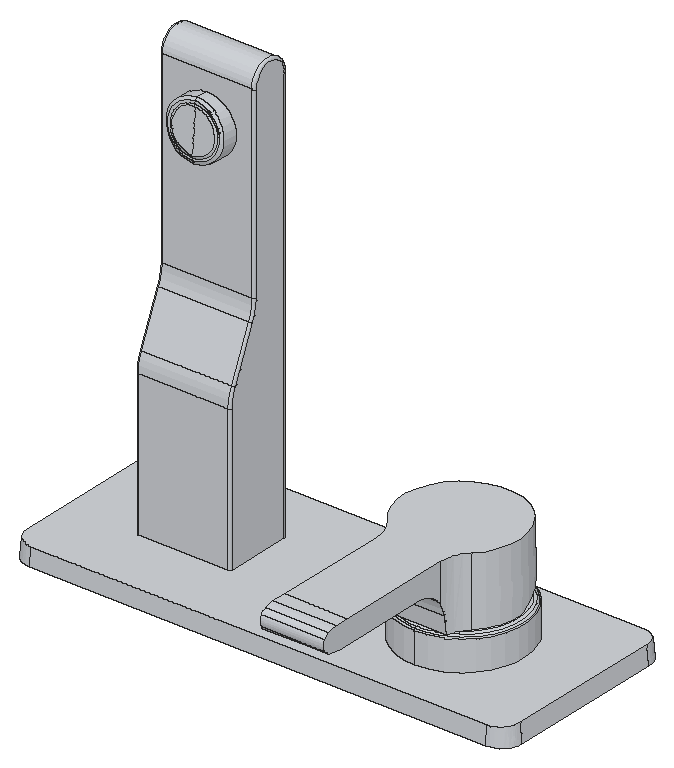
Revit family "Faucet-Lavatory-KOHLER-Singulier-K-5681IN_1", category Plumbing Fixtures, host Face, Revit 2017
Family settings
  Host = Face
  Round Connector Dimension = Use Diameter
  Part Type = Normal
  OmniClass Number = 23.31.11.00
  OmniClass Title = Faucets
  Cut with Voids When Loaded = No
  Shared = No
  Room Calculation Point = No
Parameters (values of type "CP- Polished Chrome")
  Width = 7 7/8"  # constant formula
  WaterSense Certified = 1 = 0  # no
  Waste Water Outlet = "Waste Water Outlet"  # constant formula
  Waste Connection = 1 = 0  # no
  Vent Connection = 1 = 0  # no
  URL = "https://www.kohler.co.in/"
  Type = 1
  Spout Reach = Length  # 6 7/32"
  Product Page URL = "https://www.kohler.co.in/product-detail/5681in-4nd?skuid=K-5681IN-4ND-CP"
  Product Name = "Singulier\r\n"  # constant formula
  Product Documentation Link = "http://resources.kohler.com/plumbing/kohlerindia/pdf/5681.pdf"
  Pressure = 0.00 psi
  Model = if(Type = 1, "K-5681IN-4ND-CP", if(Type = 2, "K-5681IN-4ND-AF", "NA"))  # "K-5681IN-4ND-CP"
  Material = "Metal construction"  # constant formula
  Master Format 2014 Name = "Residential Faucets, Supplies, and Trim"  # constant formula
  Master Format 2014 = "22 41 39"  # constant formula
  Manufacturer Address = "Ambience Office Tower NH-8 Gurgaon / Gurugram Haryana , 122001\r\n"  # constant formula
  Manufacturer = "KOHLER Co."  # constant formula
  Length = 6 7/32"  # constant formula
  Hot Water Inlet = "Hot Water Inlet"  # constant formula
  Height = 4 249/256"  # constant formula
  Handle Clearance = 3 51/128"  # constant formula
  HW Connection = 1 = 1  # yes
  Flow Rate = 0 GPM
  Finish = Kohler-Metal-CP-Polished_Chrome
  Environmental Product Declaration = ""
  Drain Included = 1 = 0  # no
  Description = "SC WM LAV FAUCET TRIM"  # constant formula
  Default Elevation = 36"
  Declare Label = ""
  Date Modified = "09/15/2020"  # constant formula
  Date Created = "09/15/2020"  # constant formula
  Copyright = "Copyright KOHLER Co."  # constant formula
  Contact Us = "https://www.kohler.co.in/contact-us"
  Cold Water Inlet = "Cold Water Inlet"  # constant formula
  CW Connection = 1 = 1  # yes
  Assembly Code = "D2010"
  ADA Compliant = 1 = 0  # no
Types (3): name | Type | Model | Finish
  (no name) | 1 | "K-5681IN-4ND-CP" | Kohler-Metal-CP-Polished_Chrome
  CP- Polished Chrome | 1 | "K-5681IN-4ND-CP" | Kohler-Metal-CP-Polished_Chrome
  AF- Flange Gold | 2 | "K-5681IN-4ND-AF" | Kohler-Metal-AF-Flange_Gold
Reference planes (in)
  plane 1 "Center (Front/Back)": y = 0
  plane 2: z = 0
  plane 3 "Center (Left/Right)": x = 0
  plane 4: x = 3.9375
  plane 5: x = -3.9375
  plane 6: x = -2
  plane 7: x = 2
  plane 8: y = 1.57422
  plane 9: y = -1.57422
  plane 10: z = 6.21875
  plane 11: through (0, -3.40346, 6.4231) normal (0, -0.0663, -0.9978)
  plane 12: z = 2.00184
  plane 13: y = -3.39844
Dimensions and locks (in)
  equal spacing: plane 5, plane 3 "Center (Left/Right)", plane 4
  "Width": plane 5 to plane 4
  equal spacing: plane 9, plane 1 "Center (Front/Back)", plane 8
  equal spacing: plane 6, plane 3 "Center (Left/Right)", plane 7
  locked: plane 6 to plane 7 at 4
  "Length": level to plane 10
  locked: plane 12 to level at 2.00184
  "Handle Clearance": plane 13 to plane 1 "Center (Front/Back)"
  "Height": plane 13 to plane 8
  plane 9 to plane 8 = 3 19/128"
  locked: plane 10 to plane 11 (angle 3.80°)
  aligned and locked: plane 2 to host face
  aligned and locked: level to host face
  aligned and locked: plane 1 "Center (Front/Back)" to nested 1
  aligned and locked: plane 3 "Center (Left/Right)" to nested 1
  aligned and locked: plane 4 to nested 1
  aligned and locked: plane 5 to nested 1
  aligned and locked: plane 6 to nested 1
  aligned and locked: plane 7 to nested 1
  aligned and locked: plane 8 to nested 1
  aligned and locked: plane 9 to nested 1
  aligned and locked: plane 10 to nested 1
  aligned and locked: plane 11 to nested 1
  aligned and locked: plane 12 to nested 1
  aligned and locked: plane 13 to nested 1
Automatic sketch dimensions
  host sketch curve to host sketch curve = 96"  (x2)
Nested families (in)
  nested 1: "K-5681IN" at (0.00049, -0.00058, -0.00172), type "K-5681IN"
Connectors (in)
  piping at (1.37206, -0.00058, -0.00172), diameter 0.5, driven by "Flow Rate", driven by "HW Connection", driven by "Hot Water Inlet"
    settings: on nested 1, index 1, connector inside diameter 24", connector length 0", flow factor 0, pipe flow 0 GPM, pressure drop 0.00 psi, fitting loss kfactor 0, connector angle 0.00°, fixture units 0, engagement length 0", angle of deflection 0.00°, flow configuration 0, flow direction 1, fitting loss method 0, system type 19, joint type 0, gender type 0, connector reference index -1, connector utility 1, adjustable connector no, is connector primary yes, connector description "Hot Water Inlet"
  piping at (2.62893, -0.00058, -0.00172), diameter 0.5, driven by "Flow Rate", driven by "CW Connection", driven by "Cold Water Inlet"
    settings: on nested 1, index 2, connector inside diameter 24", connector length 0", flow factor 0, pipe flow 0 GPM, pressure drop 0.00 psi, fitting loss kfactor 0, connector angle 0.00°, fixture units 0, engagement length 0", angle of deflection 0.00°, flow configuration 0, flow direction 1, fitting loss method 0, system type 20, joint type 0, gender type 0, connector reference index -1, connector utility 1, adjustable connector no, is connector primary no, connector description "Cold Water Inlet"
Definition of nested family "K-5681IN"
  Parameters (values of type "K-5681IN")
    Material = none
  Reference planes (in)
    plane 1 "Center (Front/Back)": y = 0
    plane 2: z = 0
    plane 3 "Center (Left/Right)": x = 0
    plane 4: x = -3.93701
    plane 5: x = 3.93701
    plane 6: y = 1.5748
    plane 7: y = -1.5748
    plane 8 "1": x = -2
    plane 9 "2": x = 2
    plane 10: z = 6.22047
    plane 11: through (0, -0.18836, 6.20955) normal (0, 0.0663, 0.9978)
    plane 12: y = -3.39966
    plane 13: z = 2.00184
  Forms (in)
    SweptBlend 1, solid, material <- "Material", detail levels medium+fine
      path origin (0, 0, 0) x (1, 0, 0) y (0, 0, 1)
        loop
          line (0, 0.35371) -> (0, 0)
      profile origin (0, 0, 0.35371) x (0, -1, 0) y (1, 0, 0)
        loop
          line (-1.55056, 3.61277) -> (-1.55056, -3.61277)
          arc (-1.55056, -3.61277) -> (-1.46422, -3.82121) -> (-1.25578, -3.90755) r 0.29478
          line (-1.25578, -3.90755) -> (1.25578, -3.90755)
          arc (1.25578, -3.90755) -> (1.46422, -3.82121) -> (1.55056, -3.61277) r 0.29478
          line (1.55056, -3.61277) -> (1.55056, 3.61277)
          arc (1.55056, 3.61277) -> (1.46422, 3.82121) -> (1.25578, 3.90755) r 0.29478
          line (1.25578, 3.90755) -> (-1.25578, 3.90755)
          arc (-1.25578, 3.90755) -> (-1.46422, 3.82121) -> (-1.55056, 3.61277) r 0.29478
      end profile origin (0, 0, 0) x (0, -1, 0) y (1, 0, 0)
        loop
          arc (-1.5748, -3.62205) -> (-1.48255, -3.84476) -> (-1.25984, -3.93701) r 0.31496
          line (-1.25984, -3.93701) -> (1.25984, -3.93701)
          arc (1.25984, -3.93701) -> (1.48255, -3.84476) -> (1.5748, -3.62205) r 0.31496
          line (1.5748, -3.62205) -> (1.5748, 3.62205)
          arc (1.5748, 3.62205) -> (1.48255, 3.84476) -> (1.25984, 3.93701) r 0.31496
          line (1.25984, 3.93701) -> (-1.25984, 3.93701)
          arc (-1.25984, 3.93701) -> (-1.48255, 3.84476) -> (-1.5748, 3.62205) r 0.31496
          line (-1.5748, 3.62205) -> (-1.5748, -3.62205)
    Extrusion 2, void
      sketch origin (0, 0, 0) x (0, 1, 0) y (0, 0, 1)
        loop
          line (1.60875, 0.27725) -> (1.60875, 0.37879) -> (-1.61789, 0.37879) -> (-1.61789, 0.27665)
          arc (-1.61789, 0.27665) -> (-0.00458, 0.32989) -> (1.60875, 0.27725) r 24.60613
      from -4.33071 to 4.33071
    Extrusion 3, solid, material <- "Material", detail levels medium+fine
      sketch origin (-2, 0, 0) x (0, 1, 0) y (0, 0, 1)
        loop
          line (0.55118, 0.29857) -> (0.55118, 6.94438)
          arc (0.55118, 6.94438) -> (0.23622, 7.25934) -> (-0.07874, 6.94438) r 0.31496
          line (-0.07874, 6.94438) -> (-0.07874, 3.98205)
          arc (-0.07874, 3.98205) -> (-0.09548, 3.8243) -> (-0.14495, 3.67358) r 0.7517
          line (-0.14495, 3.67358) -> (-0.48599, 2.91571)
          arc (-0.48599, 2.91571) -> (-0.5347, 2.7673) -> (-0.55118, 2.61198) r 0.74016
          line (-0.55118, 2.61198) -> (-0.55118, 0.29857) -> (0.55118, 0.29857)
      from -0.74803 to 0.74803
    Sweep 4, void
      path in 3D
        loop
          line (-2.74803, -0.55118, 0.29857) -> (-2.74803, -0.55118, 2.61198)
          arc (-2.74803, -0.55118, 2.61198) -> (-2.74803, -0.5347, 2.7673) -> (-2.74803, -0.48599, 2.91571) r 0.74016
          line (-2.74803, -0.48599, 2.91571) -> (-2.74803, -0.14495, 3.67358)
          arc (-2.74803, -0.14495, 3.67358) -> (-2.74803, -0.09548, 3.8243) -> (-2.74803, -0.07874, 3.98205) r 0.7517
          line (-2.74803, -0.07874, 3.98205) -> (-2.74803, -0.07874, 6.94438)
          arc (-2.74803, -0.07874, 6.94438) -> (-2.74803, 0.23622, 7.25934) -> (-2.74803, 0.55118, 6.94438) r 0.31496
          line (-2.74803, 0.55118, 6.94438) -> (-2.74803, 0.55118, 0.29857)
      profile origin (-2.74803, 0.55118, 3.62147) x (-1, 0, 0) y (0, -1, 0)
        loop
          arc (0, 0.03937) -> (-0.01153, 0.01153) -> (-0.03937, 0) r 0.03937
          line (-0.03937, 0) -> (0, 0) -> (0, 0.03937)
    Sweep 5, void
      path in 3D
        loop
          line (-1.25197, -0.55118, 0.29857) -> (-1.25197, -0.55118, 2.61198)
          arc (-1.25197, -0.55118, 2.61198) -> (-1.25197, -0.5347, 2.7673) -> (-1.25197, -0.48599, 2.91571) r 0.74016
          line (-1.25197, -0.48599, 2.91571) -> (-1.25197, -0.14495, 3.67358)
          arc (-1.25197, -0.14495, 3.67358) -> (-1.25197, -0.09548, 3.8243) -> (-1.25197, -0.07874, 3.98205) r 0.7517
          line (-1.25197, -0.07874, 3.98205) -> (-1.25197, -0.07874, 6.94438)
          arc (-1.25197, -0.07874, 6.94438) -> (-1.25197, 0.23622, 7.25934) -> (-1.25197, 0.55118, 6.94438) r 0.31496
          line (-1.25197, 0.55118, 6.94438) -> (-1.25197, 0.55118, 0.29857)
      profile origin (-1.25197, 0.55118, 3.62147) x (1, 0, 0) y (0, 1, 0)
        loop
          line (0, -0.03937) -> (0, 0) -> (-0.03937, 0)
          arc (-0.03937, 0) -> (-0.01153, -0.01153) -> (0, -0.03937) r 0.03937
    Revolve 6, solid, material <- "Material", detail levels medium+fine
      sketch origin (-2, 0, 0) x (0, 1, 0) y (0, 0, 1)
        loop
          line (-0.3528, 6.2205) -> (0.01231, 6.19622) -> (0.04266, 6.65324) -> (-0.28574, 6.67505) -> (-0.31571, 6.63029) -> (-0.31837, 6.59031)
          arc (-0.31837, 6.59031) -> (-0.32659, 6.57673) -> (-0.33014, 6.56126) r 0.05003
          line (-0.33014, 6.56126) -> (-0.3528, 6.2205)
        axis (-0.3528, 6.22047) -> (0.01231, 6.19622)
      angle from 0 to 360
    Revolve 7, solid, material <- "Material", detail levels medium+fine
      sketch origin (2, 0, 0) x (0, 1, 0) y (0, 0, 1)
        loop
          arc (0.96456, 0.79413) -> (0.95912, 0.80821) -> (0.94563, 0.81496) r 0.02093
          arc (0.94563, 0.81496) -> (0.93488, 0.82645) -> (0.92069, 0.83325) r 0.04264
          line (0.92069, 0.83325) -> (0.86598, 0.84791)
          arc (0.86598, 0.84791) -> (0.84043, 0.85986) -> (0.82055, 0.87987) r 0.08072
          arc (0.82055, 0.87987) -> (0.81039, 0.90006) -> (0.80623, 0.92227) r 0.08072
          arc (0.80623, 0.92227) -> (0.77371, 1.13378) -> (0.69669, 1.33344) r 0.99447
          line (0.69669, 1.33344) -> (0, 1.33344) -> (0, 0.23311) -> (0.96456, 0.23311) -> (0.96456, 0.79413)
        axis (0, 1.33344) -> (0, 0.23311)
      angle from 0 to 360
    SweptBlend 8, solid, material <- "Material", detail levels medium+fine
      path origin (0, 0, 0) x (0, 1, 0) y (0, 0, 1)
        loop
          line (0, 0.92913) -> (0, 2.03329)
      profile origin (0, 0, 0.92913) x (0, -1, 0) y (1, 0, 0)
        loop
          line (3.52227, 1.49182) -> (3.52227, 2.51216) -> (1.11245, 2.51216)
          arc (1.11245, 2.51216) -> (0.87958, 2.55634) -> (0.67907, 2.68274) r 0.63585
          arc (0.67907, 2.68274) -> (-0.88796, 1.99984) -> (0.68054, 1.32032) r 0.93188
          arc (0.68054, 1.32032) -> (0.8814, 1.44739) -> (1.11489, 1.49182) r 0.6358
          line (1.11489, 1.49182) -> (3.52227, 1.49182)
      end profile origin (0, 0, 2.03329) x (0, -1, 0) y (1, 0, 0)
        loop
          line (3.45324, 1.50192) -> (3.45324, 2.50202) -> (1.09125, 2.50202)
          arc (1.09125, 2.50202) -> (0.863, 2.54532) -> (0.66647, 2.6692) r 0.62323
          arc (0.66647, 2.6692) -> (-0.86947, 1.99986) -> (0.66791, 1.33383) r 0.91339
          arc (0.66791, 1.33383) -> (0.86478, 1.45838) -> (1.09364, 1.50192) r 0.62318
          line (1.09364, 1.50192) -> (3.45324, 1.50192)
    Extrusion 9, void
      sketch origin (0, 0, 0) x (0, 1, 0) y (0, 0, 1)
        loop
          line (-1.51225, 1.63478) -> (-2.91444, 1.63478)
          arc (-2.91444, 1.63478) -> (-3.00117, 1.63626) -> (-3.08792, 1.63682) r 8.14383
          arc (-3.08792, 1.63682) -> (-3.16099, 1.64029) -> (-3.23344, 1.65051) r 0.78974
          arc (-3.23344, 1.65051) -> (-3.2809, 1.66345) -> (-3.32571, 1.68376) r 0.309
          arc (-3.32571, 1.68376) -> (-3.35596, 1.70655) -> (-3.3787, 1.73683) r 0.13526
          arc (-3.3787, 1.73683) -> (-3.39966, 1.81832) -> (-3.37865, 1.89979) r 0.1687
          arc (-3.37865, 1.89979) -> (-3.34458, 1.94121) -> (-3.29787, 1.96758) r 0.14647
          arc (-3.29787, 1.96758) -> (-3.22336, 1.98733) -> (-3.1468, 1.99638) r 0.54512
          arc (-3.1468, 1.99638) -> (-3.03065, 2.00046) -> (-2.91444, 2.00183) r 4.96152
          line (-2.91444, 2.00183) -> (1.2791, 2.00185) -> (1.2791, 2.1987) -> (-3.64216, 2.1987) -> (-3.64216, 0.88912) -> (-0.97793, 0.88912)
          arc (-0.97793, 0.88912) -> (-0.99347, 1.0514) -> (-1.01974, 1.21229) r 2.45481
          arc (-1.01974, 1.21229) -> (-1.06849, 1.35384) -> (-1.15364, 1.47698) r 0.54947
          arc (-1.15364, 1.47698) -> (-1.31635, 1.59359) -> (-1.51225, 1.63478) r 0.48636
      from 0.73071 to 4.05314
    Extrusion 10, void
      sketch origin (0, 0, 0) x (0, 1, 0) y (0, 0, 1)
        loop
          line (0.98425, 1.38507) -> (-0.085, 0.90901) -> (0.98425, 0.90901) -> (0.98425, 1.38507)
      from 0 to 9.84252
    Revolve 11, solid, material <- "Material", detail levels medium+fine
      sketch origin (2, 0, 0) x (0, 1, 0) y (0, 0, 1)
        loop
          line (0.85819, 1.79379) -> (0.85819, 1.63403) -> (0.94641, 1.63403)
          arc (0.94641, 1.63403) -> (0.92298, 1.72533) -> (0.85819, 1.79379) r 0.18801
        axis (0.94641, 1.63403) -> (0.85819, 1.63403)
      angle from 0 to 360
    Extrusion 12, solid, material <- "Material", detail levels coarse
      sketch origin (0, 0, 0) x (1, 0, 0) y (0, 1, 0)
        loop
          line (-3.93701, 1.5748) -> (-3.93701, -1.5748) -> (3.93701, -1.5748) -> (3.93701, 1.5748) -> (-3.93701, 1.5748)
      from 0 to 0.33506
    Extrusion 13, solid, material <- "Material", detail levels coarse
      sketch origin (2, 0, 0) x (0, 1, 0) y (0, 0, -1)
        loop
          line (0.55118, -0.22441) -> (-0.55118, -0.22441) -> (-0.55118, -2.76994) -> (-0.07874, -3.82566) -> (-0.07874, -7.28248) -> (0.55118, -7.28248) -> (0.55118, -0.22441)
      from 3.25197 to 4.74803
    Revolve 14, solid, material <- "Material", detail levels coarse
      sketch origin (-2, 0, 0) x (0, 1, 0) y (0, 0, 1)
        loop
          line (-0.37474, 6.22193) -> (-0.03041, 6.19906) -> (-0.00006, 6.65608) -> (-0.34439, 6.67895) -> (-0.37474, 6.22193)
        axis (-0.37474, 6.22193) -> (-0.03041, 6.19906)
      angle from 0 to 360
    Extrusion 15, solid, material <- "Material", detail levels coarse
      sketch origin (0, 0, 0) x (1, 0, 0) y (0, 1, 0)
        loop
          circle (2, -0.02207) r 0.98425
      from 0.33506 to 2.00184
    Extrusion 16, solid, material <- "Material", detail levels coarse
      sketch origin (-2, 0, 0) x (0, 1, 0) y (0, 0, 1)
        loop
          line (-0.75516, 2.00184) -> (-3.40346, 2.00184) -> (-3.40346, 1.63478) -> (-0.75516, 1.63478) -> (-0.75516, 2.00184)
      from 3.50163 to 4.50231
    Extrusion 17, solid, material <- "Material", detail levels medium+fine
      sketch origin (0, 0, 0) x (1, 0, 0) y (0, 1, 0)
        loop
          circle (1.37157, 0) r 0.09843
        loop
          circle (2.62843, 0) r 0.09843
      from 0 to 0.19685
  Cuts and joins
    Extrusion 2 cuts SweptBlend 1
    Sweep 4, Sweep 5 cuts Extrusion 3
    Extrusion 9, Extrusion 10 cuts SweptBlend 8
    joined: SweptBlend 1, Extrusion 3, Revolve 6, Revolve 7, SweptBlend 8, Revolve 11
    joined: Extrusion 12, Extrusion 13, Revolve 14, Extrusion 15, Extrusion 16
  Lines and regions (in)
    Masking region 1
      outline origin (0, 0, 0) x (1, 0, 0) y (0, 1, 0)
        loop
          line (-3.93701, 1.25984) -> (-3.93701, -1.25984)
          arc (-3.93701, -1.25984) -> (-3.84476, -1.48255) -> (-3.62205, -1.5748) r 0.31496
          line (-3.62205, -1.5748) -> (0, -1.5748) -> (1.49827, -1.5748) -> (1.49827, -2.91444) -> (1.49827, -3.36029)
          arc (1.49827, -3.36029) -> (1.5098, -3.38813) -> (1.53764, -3.39966) r 0.03937
          line (1.53764, -3.39966) -> (2.46631, -3.39966)
          arc (2.46631, -3.39966) -> (2.49415, -3.38813) -> (2.50568, -3.36029) r 0.03937
          line (2.50568, -3.36029) -> (2.50568, -2.91444) -> (2.50568, -1.5748) -> (3.62205, -1.5748)
          arc (3.62205, -1.5748) -> (3.84476, -1.48255) -> (3.93701, -1.25984) r 0.31496
          line (3.93701, -1.25984) -> (3.93701, 1.25984)
          arc (3.93701, 1.25984) -> (3.84476, 1.48255) -> (3.62205, 1.5748) r 0.31496
          line (3.62205, 1.5748) -> (0, 1.5748) -> (-3.62205, 1.5748)
          arc (-3.62205, 1.5748) -> (-3.84476, 1.48255) -> (-3.93701, 1.25984) r 0.31496
    Masking region 2
      outline origin (0, 0, 0) x (1, 0, 0) y (0, 0, 1)
        loop
          line (0, 0) -> (3.93696, 0) -> (3.91193, 0.30101)
          arc (3.91193, 0.30101) -> (3.90187, 0.32157) -> (3.88054, 0.32989) r 0.0315
          line (3.88054, 0.32989) -> (2.96456, 0.32989) -> (2.96456, 0.79413)
          arc (2.96456, 0.79413) -> (2.95883, 0.80852) -> (2.94478, 0.81502) r 0.02093
          arc (2.94478, 0.81502) -> (2.93404, 0.82647) -> (2.91989, 0.83325) r 0.04264
          line (2.91989, 0.83325) -> (2.86517, 0.84791)
          arc (2.86517, 0.84791) -> (2.83962, 0.85986) -> (2.81974, 0.87987) r 0.08072
          arc (2.81974, 0.87987) -> (2.80856, 0.90333) -> (2.80541, 0.92913) r 0.08072
          line (2.80541, 0.92913) -> (2.93272, 0.92913) -> (2.9154, 1.96313)
          arc (2.9154, 1.96313) -> (2.90364, 1.99054) -> (2.87604, 2.00184) r 0.03937
          line (2.87604, 2.00184) -> (2.00084, 2.00184) -> (1.12565, 2.00184)
          arc (1.12565, 2.00184) -> (1.09804, 1.99054) -> (1.08628, 1.96313) r 0.03937
          line (1.08628, 1.96313) -> (1.06896, 0.92913) -> (1.19459, 0.92913)
          arc (1.19459, 0.92913) -> (1.19144, 0.90333) -> (1.18026, 0.87987) r 0.08072
          arc (1.18026, 0.87987) -> (1.16038, 0.85986) -> (1.13483, 0.84791) r 0.08072
          line (1.13483, 0.84791) -> (1.08011, 0.83325)
          arc (1.08011, 0.83325) -> (1.06596, 0.82647) -> (1.05522, 0.81502) r 0.04264
          arc (1.05522, 0.81502) -> (1.04117, 0.80852) -> (1.03544, 0.79413) r 0.02093
          line (1.03544, 0.79413) -> (1.03544, 0.32989) -> (-1.25197, 0.32989) -> (-1.25197, 7.21997)
          arc (-1.25197, 7.21997) -> (-1.2635, 7.24781) -> (-1.29134, 7.25934) r 0.03937
          line (-1.29134, 7.25934) -> (-2.70866, 7.25934)
          arc (-2.70866, 7.25934) -> (-2.7365, 7.24781) -> (-2.74803, 7.21997) r 0.03937
          line (-2.74803, 7.21997) -> (-2.74803, 0.32989) -> (-3.88054, 0.32989)
          arc (-3.88054, 0.32989) -> (-3.90187, 0.32157) -> (-3.91193, 0.30101) r 0.0315
          line (-3.91193, 0.30101) -> (-3.93696, 0) -> (0, 0)
    Masking region 3
      outline origin (2, 0, 0) x (0, 1, 0) y (0, 0, 1)
        loop
          arc (-1.52799, 0.28241) -> (-1.54823, 0.27331) -> (-1.55746, 0.25312) r 0.0315
          line (-1.55746, 0.25312) -> (-1.5748, 0) -> (0, 0) -> (1.5748, 0) -> (1.55746, 0.25312)
          arc (1.55746, 0.25312) -> (1.54823, 0.27331) -> (1.52799, 0.28241) r 0.0315
          arc (1.52799, 0.28241) -> (1.24636, 0.29831) -> (0.96456, 0.31098) r 24.60613
          line (0.96456, 0.31098) -> (0.96456, 0.79413)
          arc (0.96456, 0.79413) -> (0.95912, 0.80821) -> (0.94563, 0.81496) r 0.02093
          arc (0.94563, 0.81496) -> (0.93488, 0.82645) -> (0.92069, 0.83325) r 0.04264
          line (0.92069, 0.83325) -> (0.86598, 0.84791)
          arc (0.86598, 0.84791) -> (0.84043, 0.85986) -> (0.82055, 0.87987) r 0.08072
          arc (0.82055, 0.87987) -> (0.81039, 0.90006) -> (0.80623, 0.92227) r 0.08072
          arc (0.80623, 0.92227) -> (0.7821, 1.0999) -> (0.72648, 1.27031) r 0.99447
          line (0.72648, 1.27031) -> (0.8812, 1.33919) -> (0.87858, 1.48907)
          arc (0.87858, 1.48907) -> (0.94675, 1.63721) -> (0.87366, 1.78298) r 0.18823
          line (0.87366, 1.78298) -> (0.87064, 1.96313)
          arc (0.87064, 1.96313) -> (0.85888, 1.99054) -> (0.83128, 2.00184) r 0.03937
          line (0.83128, 2.00184) -> (0.55118, 2.00184) -> (0.55118, 6.94452)
          arc (0.55118, 6.94452) -> (0.23622, 7.25948) -> (-0.07874, 6.94452) r 0.31496
          line (-0.07874, 6.94452) -> (-0.07874, 6.66144) -> (-0.28574, 6.67505) -> (-0.31571, 6.63029) -> (-0.31847, 6.58872)
          arc (-0.31847, 6.58872) -> (-0.32769, 6.5747) -> (-0.33051, 6.55815) r 0.04095
          line (-0.33051, 6.55815) -> (-0.35294, 6.22048) -> (-0.37537, 5.88281)
          arc (-0.37537, 5.88281) -> (-0.37476, 5.86604) -> (-0.36747, 5.85092) r 0.04095
          line (-0.36747, 5.85092) -> (-0.37023, 5.80935) -> (-0.34645, 5.76101) -> (-0.07874, 5.74305) -> (-0.07874, 3.9771)
          arc (-0.07874, 3.9771) -> (-0.09438, 3.829) -> (-0.1406, 3.68743) r 0.70916
          line (-0.1406, 3.68743) -> (-0.48524, 2.9173)
          arc (-0.48524, 2.9173) -> (-0.53451, 2.76638) -> (-0.55118, 2.6085) r 0.75598
          line (-0.55118, 2.6085) -> (-0.55118, 2.00184) -> (-2.91444, 2.00183)
          arc (-2.91444, 2.00183) -> (-3.03065, 2.00046) -> (-3.1468, 1.99638) r 4.96152
          arc (-3.1468, 1.99638) -> (-3.22336, 1.98733) -> (-3.29787, 1.96758) r 0.54512
          arc (-3.29787, 1.96758) -> (-3.34458, 1.94121) -> (-3.37865, 1.89979) r 0.14647
          arc (-3.37865, 1.89979) -> (-3.39966, 1.81832) -> (-3.3787, 1.73683) r 0.1687
          arc (-3.3787, 1.73683) -> (-3.35596, 1.70655) -> (-3.32571, 1.68376) r 0.13526
          arc (-3.32571, 1.68376) -> (-3.2809, 1.66345) -> (-3.23344, 1.65051) r 0.309
          arc (-3.23344, 1.65051) -> (-3.16099, 1.64029) -> (-3.08792, 1.63682) r 0.78974
          arc (-3.08792, 1.63682) -> (-3.00117, 1.63626) -> (-2.91444, 1.63478) r 8.14383
          line (-2.91444, 1.63478) -> (-1.51225, 1.63478)
          arc (-1.51225, 1.63478) -> (-1.31635, 1.59359) -> (-1.15364, 1.47698) r 0.48636
          arc (-1.15364, 1.47698) -> (-1.06849, 1.35384) -> (-1.01974, 1.21229) r 0.54947
          arc (-1.01974, 1.21229) -> (-0.99612, 1.07128) -> (-0.98075, 0.92913) r 2.45481
          line (-0.98075, 0.92913) -> (-0.80621, 0.92913)
          arc (-0.80621, 0.92913) -> (-0.80936, 0.90333) -> (-0.82055, 0.87987) r 0.08072
          arc (-0.82055, 0.87987) -> (-0.84043, 0.85986) -> (-0.86598, 0.84791) r 0.08072
          line (-0.86598, 0.84791) -> (-0.92069, 0.83325)
          arc (-0.92069, 0.83325) -> (-0.93488, 0.82645) -> (-0.94563, 0.81496) r 0.04264
          arc (-0.94563, 0.81496) -> (-0.95912, 0.80821) -> (-0.96456, 0.79413) r 0.02093
          line (-0.96456, 0.79413) -> (-0.96456, 0.31098)
          arc (-0.96456, 0.31098) -> (-1.24636, 0.29831) -> (-1.52799, 0.28241) r 24.60613
    sketch lines
      curve 1: line (-2.74803, 0.55118, 6.94438) -> (-2.74803, 0.55118, 0.29857)
      curve 2: arc (-2.74803, 0.55118, 6.94438) -> (-2.74803, 0.23622, 7.25934) -> (-2.74803, -0.07874, 6.94438) r 0.31496
      curve 3: line (-2.74803, -0.07874, 3.98205) -> (-2.74803, -0.07874, 6.94438)
      curve 4: arc (-2.74803, -0.07874, 3.98205) -> (-2.74803, -0.09548, 3.8243) -> (-2.74803, -0.14495, 3.67358) r 0.7517
      curve 5: line (-2.74803, -0.48599, 2.91571) -> (-2.74803, -0.14495, 3.67358)
      curve 6: arc (-2.74803, -0.48599, 2.91571) -> (-2.74803, -0.5347, 2.7673) -> (-2.74803, -0.55118, 2.61198) r 0.74016
      curve 7: line (-2.74803, -0.55118, 0.29857) -> (-2.74803, -0.55118, 2.61198)
      curve 8: line (-1.25197, 0.55118, 6.94438) -> (-1.25197, 0.55118, 0.29857)
      curve 9: arc (-1.25197, 0.55118, 6.94438) -> (-1.25197, 0.23622, 7.25934) -> (-1.25197, -0.07874, 6.94438) r 0.31496
      curve 10: line (-1.25197, -0.07874, 3.98205) -> (-1.25197, -0.07874, 6.94438)
      curve 11: arc (-1.25197, -0.07874, 3.98205) -> (-1.25197, -0.09548, 3.8243) -> (-1.25197, -0.14495, 3.67358) r 0.7517
      curve 12: line (-1.25197, -0.48599, 2.91571) -> (-1.25197, -0.14495, 3.67358)
      curve 13: arc (-1.25197, -0.48599, 2.91571) -> (-1.25197, -0.5347, 2.7673) -> (-1.25197, -0.55118, 2.61198) r 0.74016
      curve 14: line (-1.25197, -0.55118, 0.29857) -> (-1.25197, -0.55118, 2.61198)
    symbolic lines, detail levels medium+fine
      curve 15: spline (-3.91215, -1.25693, 0) -> (-3.91133, -1.0476, 0) -> (-3.91067, -0.83819, 0) -> (-3.91015, -0.62872, 0) -> (-3.90978, -0.4192, 0) -> (-3.90955, -0.20965, 0) -> (-3.90948, -0.00008, 0) -> (-3.90955, 0.20948, 0) -> (-3.90978, 0.41903, 0) -> (-3.91015, 0.62855, 0) -> (-3.91067, 0.83802, 0) -> (-3.91133, 1.04743, 0) -> (-3.91215, 1.25677, 0)
      curve 16: line (-3.61945, 1.55556, 0) -> (3.6195, 1.55556, 0)
      curve 17: spline (3.91215, 1.25711, 0) -> (3.91133, 1.04774, 0) -> (3.91067, 0.8383, 0) -> (3.91015, 0.6288, 0) -> (3.90978, 0.41925, 0) -> (3.90955, 0.20968, 0) -> (3.90948, 0.00008, 0) -> (3.90955, -0.20951, 0) -> (3.90978, -0.41909, 0) -> (3.91015, -0.62864, 0) -> (3.91067, -0.83814, 0) -> (3.91133, -1.04758, 0) -> (3.91215, -1.25694, 0)
      curve 18: spline (3.6195, 1.55556, 0) -> (3.65799, 1.5524, 0) -> (3.69575, 1.54429, 0) -> (3.73214, 1.53137, 0) -> (3.76655, 1.51385, 0) -> (3.79839, 1.49204, 0) -> (3.82714, 1.46629, 0) -> (3.85232, 1.43705, 0) -> (3.87349, 1.40479, 0) -> (3.8903, 1.37007, 0) -> (3.90247, 1.33347, 0) -> (3.90979, 1.29561, 0) -> (3.91215, 1.25711, 0)
      curve 19: spline (-3.91215, 1.25677, 0) -> (-3.90981, 1.29529, 0) -> (-3.90249, 1.3332, 0) -> (-3.89033, 1.36983, 0) -> (-3.87352, 1.40459, 0) -> (-3.85235, 1.43688, 0) -> (-3.82717, 1.46616, 0) -> (-3.79841, 1.49194, 0) -> (-3.76655, 1.51378, 0) -> (-3.73213, 1.53132, 0) -> (-3.69573, 1.54426, 0) -> (-3.65796, 1.55239, 0) -> (-3.61945, 1.55556, 0)
      curve 20: line (3.61945, -1.55556, 0) -> (2.50568, -1.55556, 0)
      curve 21: spline (-3.6195, -1.55556, 0) -> (-3.658, -1.55239, 0) -> (-3.69577, -1.54428, 0) -> (-3.73217, -1.53135, 0) -> (-3.76658, -1.51382, 0) -> (-3.79843, -1.49199, 0) -> (-3.82719, -1.46623, 0) -> (-3.85236, -1.43697, 0) -> (-3.87353, -1.40469, 0) -> (-3.89033, -1.36995, 0) -> (-3.9025, -1.33333, 0) -> (-3.90981, -1.29545, 0) -> (-3.91215, -1.25693, 0)
      curve 22: spline (3.91215, -1.25694, 0) -> (3.90981, -1.29545, 0) -> (3.90249, -1.33333, 0) -> (3.89033, -1.36994, 0) -> (3.87352, -1.40468, 0) -> (3.85235, -1.43695, 0) -> (3.82717, -1.46621, 0) -> (3.79841, -1.49197, 0) -> (3.76655, -1.5138, 0) -> (3.73213, -1.53133, 0) -> (3.69573, -1.54427, 0) -> (3.65796, -1.55239, 0) -> (3.61945, -1.55556, 0)
      curve 23: line (1.49827, -1.55556, 0) -> (-3.6195, -1.55556, 0)
      curve 24: line (-1.29134, 0.55118, 0) -> (-2.70866, 0.55118, 0)
      curve 25: arc (-1.29134, 0.55118, 0) -> (-1.2635, 0.53965, 0) -> (-1.25197, 0.51181, 0) r 0.03937
      curve 26: line (-1.25197, -0.51181, 0) -> (-1.25197, 0.51181, 0)
      curve 27: arc (-1.29134, -0.55118, 0) -> (-1.2635, -0.53965, 0) -> (-1.25197, -0.51181, 0) r 0.03937
      curve 28: line (-2.70866, -0.55118, 0) -> (-1.29134, -0.55118, 0)
      curve 29: arc (-2.74803, -0.51181, 0) -> (-2.7365, -0.53965, 0) -> (-2.70866, -0.55118, 0) r 0.03937
      curve 30: line (-2.74803, 0.51181, 0) -> (-2.74803, -0.51181, 0)
      curve 31: line (-2.70928, -0.07874, 0) -> (-1.29072, -0.07874, 0)
      curve 32: arc (-1.29072, -0.07874, 0) -> (-1.26546, -0.06958, 0) -> (-1.25197, -0.04635, 0) r 0.03937
      curve 33: arc (-2.70928, -0.07874, 0) -> (-2.73454, -0.06958, 0) -> (-2.74803, -0.04635, 0) r 0.03937
      curve 34: arc (-2.70866, 0.55118, 0) -> (-2.7365, 0.53965, 0) -> (-2.74803, 0.51181, 0) r 0.03937
      curve 35: spline (-2.40865, -0.34611, 0) -> (-2.41125, -0.34228, 0) -> (-2.40574, -0.33847, 0) -> (-2.39224, -0.33475, 0) -> (-2.37101, -0.33119, 0) -> (-2.34246, -0.32787, 0) -> (-2.30717, -0.32484, 0) -> (-2.26582, -0.32216, 0) -> (-2.21923, -0.3199, 0) -> (-2.16832, -0.31809, 0) -> (-2.11409, -0.31678, 0) -> (-2.05761, -0.31598, 0) -> (-2, -0.31571, 0)
      curve 36: spline (-2.43716, -0.30704, 0) -> (-2.42031, -0.30403, 0) -> (-2.39877, -0.30116, 0) -> (-2.37279, -0.29846, 0) -> (-2.34265, -0.29595, 0) -> (-2.30869, -0.29367, 0) -> (-2.27128, -0.29164, 0) -> (-2.23085, -0.28988, 0) -> (-2.18785, -0.28841, 0) -> (-2.14275, -0.28725, 0) -> (-2.09606, -0.28642, 0) -> (-2.0483, -0.28591, 0) -> (-2, -0.28574, 0)
      curve 37: line (-2.45799, -0.19831, 0) -> (-2.45799, -0.07874, 0)
      curve 38: line (-2.43716, -0.32979, 0) -> (-2.40865, -0.34611, 0)
      curve 39: arc (-2.40865, -0.34611, 0) -> (-2.40364, -0.34845, 0) -> (-2.39831, -0.34996, 0) r 0.03394
      curve 40: arc (-2.39831, -0.34996, 0) -> (-2.36701, -0.3552, 0) -> (-2.33547, -0.3587, 0) r 0.57503
      curve 41: spline (-2.36864, -0.34592, 0) -> (-2.37122, -0.34246, 0) -> (-2.36645, -0.33901, 0) -> (-2.35441, -0.33563, 0) -> (-2.33535, -0.33241, 0) -> (-2.30965, -0.32939, 0) -> (-2.2778, -0.32665, 0) -> (-2.24046, -0.32422, 0) -> (-2.19835, -0.32217, 0) -> (-2.1523, -0.32053, 0) -> (-2.10324, -0.31934, 0) -> (-2.05214, -0.31861, 0) -> (-2, -0.31837, 0)
      curve 42: arc (-2.33547, -0.3587, 0) -> (-2.35249, -0.35343, 0) -> (-2.36864, -0.34592, 0) r 0.13181
      curve 43: arc (-2.2872, -0.3656, 0) -> (-2.31149, -0.36324, 0) -> (-2.33547, -0.3587, 0) r 0.2692
      curve 44: arc (-2.26524, -0.36727, 0) -> (-2.27621, -0.3663, 0) -> (-2.2872, -0.3656, 0) r 0.44648
      curve 45: arc (-2.11775, -0.37451, 0) -> (-2.19159, -0.37279, 0) -> (-2.26524, -0.36727, 0) r 1.43409
      curve 46: arc (-2, -0.37578, 0) -> (-2.05887, -0.37476, 0) -> (-2.11775, -0.37451, 0) r 4.46191
      curve 47: line (-2.45799, -0.19831, 0) -> (-2.43716, -0.19831, 0)
      curve 48: line (-2.43716, -0.19831, 0) -> (-2.43716, -0.32979, 0)
      curve 49: spline (-1.59135, -0.34611, 0) -> (-1.58875, -0.34228, 0) -> (-1.59426, -0.33847, 0) -> (-1.60776, -0.33475, 0) -> (-1.62899, -0.33119, 0) -> (-1.65754, -0.32787, 0) -> (-1.69283, -0.32484, 0) -> (-1.73418, -0.32216, 0) -> (-1.78077, -0.3199, 0) -> (-1.83168, -0.31809, 0) -> (-1.88591, -0.31678, 0) -> (-1.94239, -0.31598, 0) -> (-2, -0.31571, 0)
      curve 50: spline (-1.56284, -0.30704, 0) -> (-1.57969, -0.30403, 0) -> (-1.60123, -0.30116, 0) -> (-1.62721, -0.29846, 0) -> (-1.65735, -0.29595, 0) -> (-1.69131, -0.29367, 0) -> (-1.72872, -0.29164, 0) -> (-1.76915, -0.28988, 0) -> (-1.81215, -0.28841, 0) -> (-1.85725, -0.28725, 0) -> (-1.90394, -0.28642, 0) -> (-1.9517, -0.28591, 0) -> (-2, -0.28574, 0)
      curve 51: line (-1.54201, -0.19831, 0) -> (-1.54201, -0.07874, 0)
      curve 52: line (-1.56284, -0.32979, 0) -> (-1.59135, -0.34611, 0)
      curve 53: arc (-1.59135, -0.34611, 0) -> (-1.59636, -0.34845, 0) -> (-1.60169, -0.34996, 0) r 0.03394
      curve 54: arc (-1.60169, -0.34996, 0) -> (-1.63299, -0.3552, 0) -> (-1.66453, -0.3587, 0) r 0.57503
      curve 55: spline (-1.63136, -0.34592, 0) -> (-1.62878, -0.34246, 0) -> (-1.63355, -0.33901, 0) -> (-1.64559, -0.33563, 0) -> (-1.66465, -0.33241, 0) -> (-1.69035, -0.32939, 0) -> (-1.7222, -0.32665, 0) -> (-1.75954, -0.32422, 0) -> (-1.80165, -0.32217, 0) -> (-1.8477, -0.32053, 0) -> (-1.89676, -0.31934, 0) -> (-1.94786, -0.31861, 0) -> (-2, -0.31837, 0)
      curve 56: arc (-1.66453, -0.3587, 0) -> (-1.64751, -0.35343, 0) -> (-1.63136, -0.34592, 0) r 0.13181
      curve 57: arc (-1.7128, -0.3656, 0) -> (-1.68851, -0.36324, 0) -> (-1.66453, -0.3587, 0) r 0.2692
      curve 58: arc (-1.73476, -0.36727, 0) -> (-1.72379, -0.3663, 0) -> (-1.7128, -0.3656, 0) r 0.44648
      curve 59: arc (-1.88225, -0.37451, 0) -> (-1.80841, -0.37279, 0) -> (-1.73476, -0.36727, 0) r 1.43409
      curve 60: arc (-2, -0.37578, 0) -> (-1.94113, -0.37476, 0) -> (-1.88225, -0.37451, 0) r 4.46191
      curve 61: line (-1.56284, -0.19831, 0) -> (-1.56284, -0.32979, 0)
      curve 62: line (-1.54201, -0.19831, 0) -> (-1.56284, -0.19831, 0)
      curve 63: line (1.50163, -2.91444, 0) -> (1.50163, -1.09425, 0)
      curve 64: line (1.49827, -1.51223, 0) -> (1.49827, -1.9629, 0)
      curve 65: spline (1.50158, -3.1468, 0) -> (1.50159, -3.12745, 0) -> (1.5016, -3.1081, 0) -> (1.5016, -3.08874, 0) -> (1.50161, -3.06938, 0) -> (1.50161, -3.05002, 0) -> (1.50162, -3.03065, 0) -> (1.50162, -3.01129, 0) -> (1.50163, -2.99192, 0) -> (1.50163, -2.97255, 0) -> (1.50163, -2.95318, 0) -> (1.50163, -2.93381, 0) -> (1.50163, -2.91444, 0)
      curve 66: spline (1.50132, -3.29787, 0) -> (1.50135, -3.28566, 0) -> (1.50139, -3.27335, 0) -> (1.50142, -3.26096, 0) -> (1.50145, -3.2485, 0) -> (1.50148, -3.23596, 0) -> (1.5015, -3.22336, 0) -> (1.50152, -3.2107, 0) -> (1.50154, -3.19799, 0) -> (1.50155, -3.18524, 0) -> (1.50157, -3.17246, 0) -> (1.50157, -3.15964, 0) -> (1.50158, -3.1468, 0)
      curve 67: spline (1.50078, -3.37329, 0) -> (1.50084, -3.36868, 0) -> (1.5009, -3.36371, 0) -> (1.50096, -3.35839, 0) -> (1.50101, -3.35274, 0) -> (1.50106, -3.34678, 0) -> (1.50111, -3.34052, 0) -> (1.50115, -3.33398, 0) -> (1.50119, -3.32719, 0) -> (1.50123, -3.32016, 0) -> (1.50126, -3.31291, 0) -> (1.50129, -3.30548, 0) -> (1.50132, -3.29787, 0)
      curve 68: line (2.50231, -1.09185, 0) -> (2.50231, -2.91444, 0)
      curve 69: spline (2.50568, -1.51198, 0) -> (2.50569, -1.47843, 0) -> (2.50572, -1.44504, 0) -> (2.50578, -1.41197, 0) -> (2.50585, -1.37937, 0) -> (2.50594, -1.34741, 0) -> (2.50606, -1.31624, 0) -> (2.50619, -1.286, 0) -> (2.50635, -1.25684, 0) -> (2.50652, -1.22889, 0) -> (2.5067, -1.2023, 0) -> (2.50691, -1.17718, 0) -> (2.50713, -1.15366, 0)
      curve 70: line (2.50568, -2.91444, 0) -> (2.50568, -1.51198, 0)
      curve 71: spline (2.50231, -2.91444, 0) -> (2.50231, -2.93381, 0) -> (2.50231, -2.95318, 0) -> (2.50231, -2.97255, 0) -> (2.50231, -2.99192, 0) -> (2.50232, -3.01129, 0) -> (2.50232, -3.03065, 0) -> (2.50232, -3.05002, 0) -> (2.50233, -3.06938, 0) -> (2.50233, -3.08874, 0) -> (2.50234, -3.1081, 0) -> (2.50235, -3.12745, 0) -> (2.50236, -3.1468, 0)
      curve 72: spline (2.50566, -3.08792, 0) -> (2.50566, -3.07346, 0) -> (2.50566, -3.059, 0) -> (2.50566, -3.04454, 0) -> (2.50566, -3.03008, 0) -> (2.50566, -3.01563, 0) -> (2.50567, -3.00117, 0) -> (2.50567, -2.98671, 0) -> (2.50567, -2.97226, 0) -> (2.50567, -2.9578, 0) -> (2.50567, -2.94335, 0) -> (2.50568, -2.92889, 0) -> (2.50568, -2.91444, 0)
      curve 73: spline (2.50236, -3.1468, 0) -> (2.50236, -3.15964, 0) -> (2.50237, -3.17246, 0) -> (2.50239, -3.18524, 0) -> (2.5024, -3.19799, 0) -> (2.50242, -3.2107, 0) -> (2.50244, -3.22336, 0) -> (2.50246, -3.23596, 0) -> (2.50249, -3.2485, 0) -> (2.50252, -3.26096, 0) -> (2.50255, -3.27335, 0) -> (2.50258, -3.28566, 0) -> (2.50262, -3.29787, 0)
      curve 74: spline (2.50554, -3.23344, 0) -> (2.50556, -3.22143, 0) -> (2.50557, -3.2094, 0) -> (2.50559, -3.19733, 0) -> (2.5056, -3.18524, 0) -> (2.50562, -3.17313, 0) -> (2.50563, -3.16099, 0) -> (2.50564, -3.14884, 0) -> (2.50565, -3.13667, 0) -> (2.50565, -3.12449, 0) -> (2.50566, -3.11231, 0) -> (2.50566, -3.10011, 0) -> (2.50566, -3.08792, 0)
      curve 75: spline (2.50262, -3.29787, 0) -> (2.50265, -3.30548, 0) -> (2.50268, -3.31292, 0) -> (2.50271, -3.32017, 0) -> (2.50275, -3.3272, 0) -> (2.50279, -3.334, 0) -> (2.50283, -3.34054, 0) -> (2.50288, -3.3468, 0) -> (2.50293, -3.35277, 0) -> (2.50299, -3.35842, 0) -> (2.50304, -3.36374, 0) -> (2.5031, -3.36871, 0) -> (2.50316, -3.37331, 0)
      curve 76: arc (2.66959, -0.66682, 0) -> (2.54563, -0.86347, 0) -> (2.50231, -1.09185, 0) r 0.62359
      curve 77: arc (1.33344, -0.66827, 0) -> (1.99986, 0.86999, 0) -> (2.66959, -0.66682, 0) r 0.91391
      curve 78: arc (1.50163, -1.09425, 0) -> (1.45806, -0.86526, 0) -> (1.33344, -0.66827, 0) r 0.62354
      curve 79: spline (1.49683, -1.15366, 0) -> (1.49705, -1.1772, 0) -> (1.49725, -1.20233, 0) -> (1.49744, -1.22894, 0) -> (1.49761, -1.25691, 0) -> (1.49776, -1.28609, 0) -> (1.4979, -1.31636, 0) -> (1.49801, -1.34755, 0) -> (1.49811, -1.37953, 0) -> (1.49818, -1.41215, 0) -> (1.49823, -1.44524, 0) -> (1.49826, -1.47866, 0) -> (1.49827, -1.51223, 0)
      curve 80: spline (1.49628, -1.10552, 0) -> (1.49632, -1.1092, 0) -> (1.49637, -1.11294, 0) -> (1.49642, -1.11674, 0) -> (1.49647, -1.12061, 0) -> (1.49651, -1.12453, 0) -> (1.49656, -1.12852, 0) -> (1.49661, -1.13256, 0) -> (1.49665, -1.13667, 0) -> (1.4967, -1.14083, 0) -> (1.49674, -1.14505, 0) -> (1.49679, -1.14933, 0) -> (1.49683, -1.15366, 0)
      curve 81: spline (1.48802, -1.01974, 0) -> (1.48894, -1.02364, 0) -> (1.48982, -1.02815, 0) -> (1.49066, -1.03328, 0) -> (1.49147, -1.039, 0) -> (1.49222, -1.04532, 0) -> (1.49294, -1.05223, 0) -> (1.49361, -1.05971, 0) -> (1.49424, -1.06777, 0) -> (1.49482, -1.07639, 0) -> (1.49535, -1.08556, 0) -> (1.49584, -1.09527, 0) -> (1.49628, -1.10552, 0)
      curve 82: spline (1.47751, -0.98075, 0) -> (1.47827, -0.98274, 0) -> (1.47906, -0.98496, 0) -> (1.47987, -0.9874, 0) -> (1.4807, -0.99008, 0) -> (1.48154, -0.99299, 0) -> (1.48241, -0.99612, 0) -> (1.4833, -0.99949, 0) -> (1.4842, -1.00308, 0) -> (1.48513, -1.0069, 0) -> (1.48607, -1.01095, 0) -> (1.48703, -1.01523, 0) -> (1.48802, -1.01974, 0)
      curve 83: arc (1.47751, -0.98075, 0) -> (1.41928, -0.81998, 0) -> (1.32032, -0.68054, 0) r 0.6358
      curve 84: arc (1.32032, -0.68054, 0) -> (1.13333, -0.38423, 0) -> (1.06897, -0.03981, 0) r 0.93188
      curve 85: arc (2.93271, -0.03981, 0) -> (2.86873, -0.38329, 0) -> (2.68274, -0.67907, 0) r 0.93188
      curve 86: arc (2.68274, -0.67907, 0) -> (2.58381, -0.81924, 0) -> (2.52595, -0.98075, 0) r 0.63585
      curve 87: spline (2.51561, -1.01974, 0) -> (2.51657, -1.01523, 0) -> (2.51752, -1.01095, 0) -> (2.51844, -1.0069, 0) -> (2.51935, -1.00308, 0) -> (2.52024, -0.99949, 0) -> (2.52111, -0.99612, 0) -> (2.52196, -0.99299, 0) -> (2.5228, -0.99008, 0) -> (2.52362, -0.9874, 0) -> (2.52441, -0.98496, 0) -> (2.52519, -0.98274, 0) -> (2.52595, -0.98075, 0)
      curve 88: spline (2.50772, -1.10316, 0) -> (2.50812, -1.09322, 0) -> (2.50857, -1.0838, 0) -> (2.50907, -1.0749, 0) -> (2.50962, -1.06653, 0) -> (2.51021, -1.0587, 0) -> (2.51085, -1.05142, 0) -> (2.51153, -1.04471, 0) -> (2.51226, -1.03855, 0) -> (2.51304, -1.03298, 0) -> (2.51385, -1.02798, 0) -> (2.51471, -1.02356, 0) -> (2.51561, -1.01974, 0)
      curve 89: spline (2.50713, -1.15366, 0) -> (2.50718, -1.14909, 0) -> (2.50722, -1.14459, 0) -> (2.50727, -1.14015, 0) -> (2.50732, -1.13578, 0) -> (2.50737, -1.13147, 0) -> (2.50741, -1.12722, 0) -> (2.50746, -1.12304, 0) -> (2.50751, -1.11893, 0) -> (2.50756, -1.11488, 0) -> (2.50762, -1.11091, 0) -> (2.50767, -1.107, 0) -> (2.50772, -1.10316, 0)
      curve 90: arc (1.33767, -0.70121, 0) -> (1.10369, 0.35638, 0) -> (2, 0.96456, 0) r 0.96456
      curve 91: arc (2.67188, -0.69207, 0) -> (2.89385, 0.36252, 0) -> (2, 0.96456, 0) r 0.96456
      curve 92: arc (1.84315, 0.86247, 0) -> (1.91084, 0.92452, 0) -> (2, 0.94647, 0) r 0.1854
      curve 93: arc (1.84315, 0.86247, 0) -> (1.92135, 0.87126, 0) -> (2, 0.87366, 0) r 0.96616
      curve 94: arc (2.15685, 0.86247, 0) -> (2.08916, 0.92452, 0) -> (2, 0.94647, 0) r 0.1854
      curve 95: arc (2.15685, 0.86247, 0) -> (2.07865, 0.87126, 0) -> (2, 0.87366, 0) r 0.96616
      curve 96: arc (1.06897, -0.03981, 0) -> (1.29187, 0.55906, 0) -> (1.84934, 0.87137, 0) r 0.92693
      curve 97: arc (2.15276, 0.86847, 0) -> (2.70983, 0.55782, 0) -> (2.93271, -0.03981, 0) r 0.92359
      curve 98: arc (1.31385, 0, 0) -> (1.37291, -0.05906, 0) -> (1.43196, 0, 0) r 0.05906
      curve 99: arc (1.43196, 0, 0) -> (1.37291, 0.05906, 0) -> (1.31385, 0, 0) r 0.05906
      curve 100: arc (2.56804, 0, 0) -> (2.62709, -0.05906, 0) -> (2.68615, 0, 0) r 0.05906
      curve 101: arc (2.68615, 0, 0) -> (2.62709, 0.05906, 0) -> (2.56804, 0, 0) r 0.05906
      curve 102: line (-3.61937, 0, 0.28068) -> (3.61504, 0, 0.28068)
      curve 103: spline (-3.91215, 0, 0.2978) -> (-3.90987, 0, 0.29559) -> (-3.9026, 0, 0.29342) -> (-3.89047, 0, 0.29132) -> (-3.87368, 0, 0.28933) -> (-3.85251, 0, 0.28748) -> (-3.82732, 0, 0.2858) -> (-3.79854, 0, 0.28432) -> (-3.76666, 0, 0.28307) -> (-3.7322, 0, 0.28207) -> (-3.69575, 0, 0.28132) -> (-3.65793, 0, 0.28086) -> (-3.61937, 0, 0.28068)
      curve 104: spline (3.61504, 0, 0.28068) -> (3.654, 0, 0.28105) -> (3.69227, 0, 0.28168) -> (3.72921, 0, 0.28255) -> (3.76417, 0, 0.28365) -> (3.79655, 0, 0.28497) -> (3.8258, 0, 0.28647) -> (3.85142, 0, 0.28813) -> (3.87296, 0, 0.28992) -> (3.89006, 0, 0.29182) -> (3.90242, 0, 0.29379) -> (3.90982, 0, 0.29579) -> (3.91215, 0, 0.2978)
      curve 105: line (2.93271, 0, 0.92913) -> (1.06897, 0, 0.92913)
      curve 106: line (2, 0, 1.78298) -> (2, 0, 1.48904)
      curve 107: line (2, 0, 1.48904) -> (2, 0, 1.78298)
      curve 108: line (2.94482, 0, 0.81496) -> (1.05518, 0, 0.81496)
      curve 109: line (2.86517, 0, 0.84791) -> (1.13483, 0, 0.84791)
      curve 110: line (2.91989, 0, 0.83325) -> (1.08011, 0, 0.83325)
      curve 111: line (2.80553, 0, 0.92732) -> (1.9983, 0, 0.92732)
      curve 112: line (1.19448, 0, 0.92732) -> (1.9983, 0, 0.92732)
      curve 113: spline (1.19459, 0, 0.92913) -> (1.22204, 0, 1.01702) -> (1.3025, 0, 1.09892) -> (1.43049, 0, 1.16925) -> (1.5973, 0, 1.22321) -> (1.79154, 0, 1.25714) -> (2, 0, 1.26871) -> (2.20846, 0, 1.25714) -> (2.4027, 0, 1.22321) -> (2.56951, 0, 1.16925) -> (2.6975, 0, 1.09892) -> (2.77796, 0, 1.01702) -> (2.80541, 0, 0.92913)
      curve 114: line (-1.25197, 0, 0.32457) -> (-1.25197, 0, 0.36127)
      curve 115: line (-1.25197, 0, 0.32457) -> (-2, 0, 0.32457)
      curve 116: line (-2.74803, 0, 0.32457) -> (-2.74803, 0, 0.36127)
      curve 117: line (-2.74803, 0, 0.32457) -> (-2, 0, 0.32457)
      curve 118: line (3.61504, 0, 0.28068) -> (3.61504, 0, 0)
      curve 119: line (-3.61504, 0, 0.28068) -> (-3.61504, 0, 0)
      curve 120: line (2.91372, 0, 1.96313) -> (1.08628, 0, 1.96313)
      curve 121: line (-2.74803, 0.25121, 0) -> (-1.25197, 0.25121, 0)
      curve 122: arc (1.03544, 0, 0.32989) -> (2, 0, 0.31098) -> (2.96456, 0, 0.32989) r 24.60635
      curve 123: line (2, -0.07874, 6.66144) -> (2, -0.07874, 5.74309)
      curve 124: line (2, -0.28574, 6.67505) -> (2, -0.30433, 6.39527)
      curve 125: line (2, -0.31571, 6.63029) -> (2, -0.37023, 5.80935)
      curve 126: line (2, 0.8744, 1.33617) -> (2, 0.55118, 1.19226)
      curve 127: line (2, 0.94563, 0.81496) -> (2, 0.55118, 0.81496)
      curve 128: arc (2, -1.13261, 0.30381) -> (2, 0.06198, 0.32982) -> (2, 1.25642, 0.2978) r 24.60613
      curve 129: line (2, -0.55118, 0.92913) -> (2, -0.98075, 0.92913)
      curve 130: line (2, -0.94563, 0.81496) -> (2, -0.55118, 0.81496)
      curve 131: line (2, 0.55118, 2.00184) -> (2, 0.55118, 0.32372)
      curve 132: line (2, -0.55118, 2.00184) -> (2, -0.55118, 0.32372)
      curve 133: arc (2, 1.55746, 0.25312) -> (2, 0, 0.30425) -> (2, -1.55746, 0.25312) r 23.74949
      curve 134: line (2, 1.25642, 0.2978) -> (2, 1.25642, 0)
      curve 135: line (2, -1.25643, 0.2978) -> (2, -1.25643, 0)
      curve 136: arc (2, 0.87366, 1.78298) -> (2, 0.85942, 1.63583) -> (2, 0.87878, 1.48926) r 0.65033
      curve 137: line (2, 0.87064, 1.96313) -> (2, 0.55118, 1.96313)
      curve 138: arc (2, -3.28767, 1.93778) -> (2, -3.22977, 1.95389) -> (2, -3.17039, 1.96313) r 0.51363
      curve 139: arc (2, -3.35108, 1.88457) -> (2, -3.32433, 1.91708) -> (2, -3.28767, 1.93778) r 0.11497
      curve 140: arc (2, -3.35112, 1.75204) -> (2, -3.36816, 1.81831) -> (2, -3.35108, 1.88457) r 0.13721
      curve 141: arc (2, -3.31046, 1.71132) -> (2, -3.33367, 1.72881) -> (2, -3.35112, 1.75204) r 0.10377
      curve 142: arc (2, -3.2276, 1.68146) -> (2, -3.27022, 1.69308) -> (2, -3.31046, 1.71132) r 0.2775
      curve 143: arc (2, -3.08788, 1.66832) -> (2, -3.15804, 1.67165) -> (2, -3.2276, 1.68146) r 0.75825
      curve 144: arc (2, -2.91408, 1.66627) -> (2, -3.00098, 1.66776) -> (2, -3.08788, 1.66832) r 8.17533
      curve 145: line (2, -1.51225, 1.66628) -> (2, -2.91408, 1.66627)
      curve 146: arc (2, -1.13042, 1.49825) -> (2, -1.30367, 1.62242) -> (2, -1.51225, 1.66628) r 0.51785
      curve 147: arc (2, -0.98884, 1.2184) -> (2, -1.04039, 1.36806) -> (2, -1.13042, 1.49825) r 0.58097
      curve 148: arc (2, -0.94916, 0.92913) -> (2, -0.96475, 1.07435) -> (2, -0.98884, 1.2184) r 2.4863
      curve 149: line (2, -0.55118, 1.96313) -> (2, -3.17039, 1.96313)
      curve 150: line (2, -0.92069, 0.83325) -> (2, -0.55118, 0.83325)
      curve 151: line (2, -0.86598, 0.84791) -> (2, -0.55118, 0.84791)
      curve 152: line (2, -0.80638, 0.91974) -> (2, -0.55118, 0.91974)
      curve 153: line (2, 0.92069, 0.83325) -> (2, 0.55118, 0.83325)
      curve 154: line (2, 0.86598, 0.84791) -> (2, 0.55118, 0.84791)
      curve 155: line (2, 0.80638, 0.91974) -> (2, 0.55118, 0.91974)
      curve 156: line (2, -0.30433, 6.39527) -> (2, -0.18972, 6.38765)
      curve 157: arc (2, -0.18972, 6.38765) -> (2, -0.18481, 6.29865) -> (2, -0.18972, 6.20964) r 0.80903
      curve 158: line (2, -0.32787, 6.0408) -> (2, -0.21326, 6.03319)
      curve 159: arc (2, -0.21326, 6.03319) -> (2, -0.19662, 6.12077) -> (2, -0.18972, 6.20964) r 0.80903
      curve 160: arc (2, -0.30433, 6.39527) -> (2, -0.32493, 6.21862) -> (2, -0.32787, 6.0408) r 1.78592
      curve 161: line (2, -0.32787, 6.0408) -> (2, -0.34645, 5.76101)
      curve 162: line (2, 0.96456, 0.31098) -> (2, 0.55118, 0.3272)
      curve 163: line (2, -0.96456, 0.31098) -> (2, -0.55118, 0.3272)
      curve 164: line (2, -0.8117, 2.00184) -> (2, -0.8117, 0.92913)
  Dimensions and locks (in)
    plane 4 to plane 5 = 7.87402"
    plane 6 to plane 7 = 3.14961"
    plane 8 "1" to plane 9 "2" = 4"
    plane 10 to level = 6.22047"
    angle plane 10 to plane 11 = 3.80°
    aligned and locked: plane 2 to level
